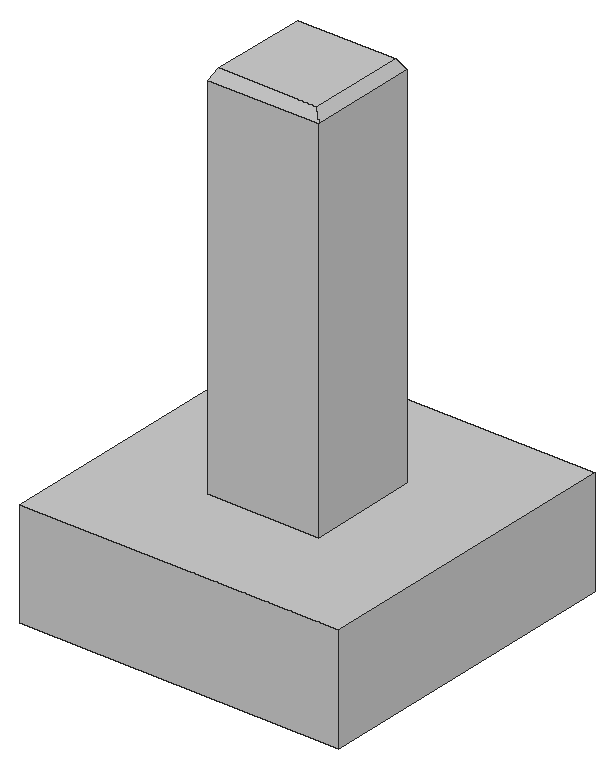
Revit family "Sapata_Com_Assentamento", category Structural Foundations, Revit 2024
Family settings
  Material for Model Behavior = Concrete
  Cap = No
  OmniClass Number = 23.25.05.17
  OmniClass Title = Shallow Foundations
  Work Plane-Based = No
  Always vertical = Yes
  Cut with Voids When Loaded = No
  Shared = Yes
  Show family pre-cut in plan views = Yes
Parameters (values of type "B2")
  Width = 1500 mm
  Structural Material [instance] = Concrete, Cast-in-Place gray
  Material_Assentamento [instance] = Concreto Assentamento
  Length = 1500 mm
  Largura_PlacaBase = 460 mm
  Foundation Thickness = 500 mm
  Dim_Pilar = 520 mm
  Cost = 50
  Assembly Code = ""
  AlturaPilar = 1740 mm
  AlturaAssentamento = 50 mm
  Alt_Assent [instance] = if(AlturaAssentamento < 50 mm, 50 mm, AlturaAssentamento)  # 50 mm
Types (2, lengths in mm): name | AlturaPilar
  B2 | 1740
  B1 | 500
Reference planes
  plane 1 "Center (Front/Back)": y = 0
  plane 2: z = 0
  plane 3 "Center (Left/Right)": x = 0
  plane 4: x = -750
  plane 5: x = 750
  plane 6: y = 750
  plane 7: y = -750
  plane 8: y = 230
  plane 9: y = -230
  plane 10: x = -230
  plane 11: x = 230
  plane 12 "TopoBloco": z = -1790
  plane 13 "TopoToco": z = -50
  plane 14: x = -260
  plane 15: x = 260
  plane 16: y = -260
  plane 17: y = 260
Forms (mm)
  Extrusion 1, solid, material "Concrete, Cast-in-Place gray" <- "Structural Material"
    sketch origin (0, 0, 0) x (1, 0, 0) y (0, 1, 0)
      loop
        line (-750, 750) -> (-750, -750) -> (750, -750) -> (750, 750) -> (-750, 750)
    from -2290 to -1790
  Extrusion 2, solid, material "Concrete, Cast-in-Place gray" <- "Structural Material"
    sketch origin (0, 0, 0) x (1, 0, 0) y (0, 1, 0)
      loop
        line (-260, 260) -> (-260, -260) -> (260, -260) -> (260, 260) -> (-260, 260)
    from -1790 to -50
  Blend 3, solid, material "Concreto Assentamento" <- "Material_Assentamento"
    base sketch origin (0, 0, 0) x (1, 0, 0) y (0, 1, 0)
      loop
        line (-230, 230) -> (-230, -230) -> (230, -230) -> (230, 230) -> (-230, 230)
    top sketch origin (0, 0, 0) x (1, 0, 0) y (0, 1, 0)
      loop
        line (-260, 260) -> (-260, -260) -> (260, -260) -> (260, 260) -> (-260, 260)
    from 0 to -50
Cuts and joins
  joined: Extrusion 1, Extrusion 2
Dimensions and locks
  "Foundation Thickness": plane 12 "TopoBloco" to Extrusion 1
  "Width": plane 4 to plane 5
  "Length": plane 6 to plane 7
  equal spacing: plane 6, plane 1 "Center (Front/Back)", plane 7
  equal spacing: plane 4, plane 3 "Center (Left/Right)", plane 5
  equal spacing: plane 10, plane 3 "Center (Left/Right)", plane 11
  equal spacing: plane 8, plane 1 "Center (Front/Back)", plane 9
  "Alt_Assent": level to plane 13 "TopoToco"
  "AlturaPilar": plane 13 "TopoToco" to plane 12 "TopoBloco"
  equal spacing: plane 14, plane 3 "Center (Left/Right)", plane 15
  equal spacing: plane 17, plane 1 "Center (Front/Back)", plane 16
  "Dim_Pilar": plane 14 to plane 15
  "Dim_Pilar": plane 17 to plane 16
  "Largura_PlacaBase": plane 10 to plane 11
  "Largura_PlacaBase": plane 8 to plane 9
  aligned and locked: plane 4 to Extrusion 1 sketch curve
  aligned and locked: Extrusion 1 sketch curve to plane 5
  aligned and locked: Extrusion 1 sketch curve to plane 6
  aligned and locked: plane 7 to Extrusion 1 sketch curve
  aligned and locked: plane 12 "TopoBloco" to Extrusion 1
  aligned and locked: Extrusion 2 to Extrusion 1
  aligned and locked: plane 13 "TopoToco" to cut or joined group of Extrusion 1, Extrusion 2
  aligned and locked: Blend 3 sketch curve to plane 17
  aligned and locked: Blend 3 sketch curve to plane 14
  aligned and locked: Blend 3 sketch curve to plane 16
  aligned and locked: Blend 3 sketch curve to plane 15
  aligned and locked: Blend 3 to cut or joined group of Extrusion 1, Extrusion 2
  aligned and locked: level to Blend 3
  aligned and locked: Extrusion 2 sketch curve to plane 17
  aligned and locked: Extrusion 2 sketch curve to plane 14
  aligned and locked: Extrusion 2 sketch curve to plane 16
  aligned and locked: Extrusion 2 sketch curve to plane 15
Automatic sketch dimensions
  Blend 3 sketch curve to plane 9 = 0 mm
  Blend 3 sketch curve to plane 10 = 0 mm
  Blend 3 sketch curve to plane 11 = 0 mm
  Blend 3 sketch curve to plane 8 = 0 mm
